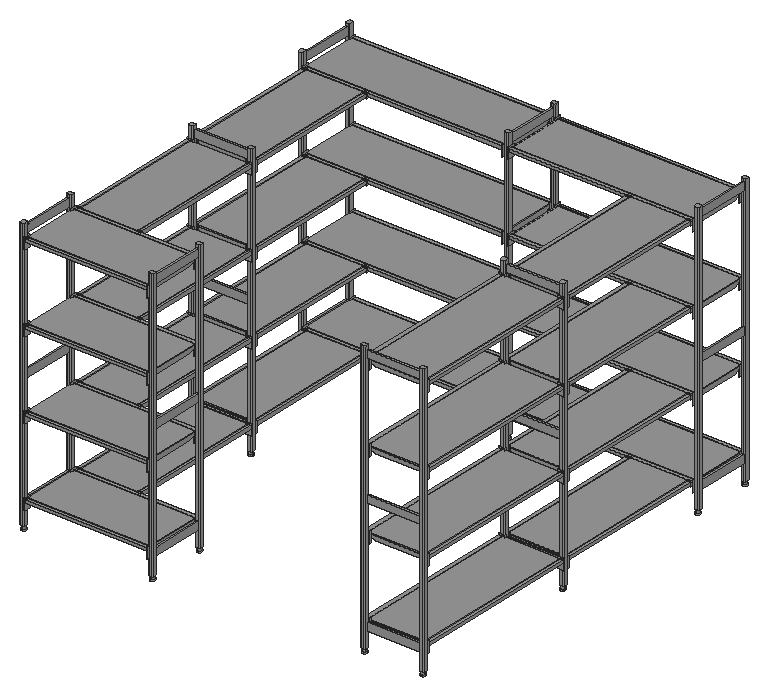
Revit family "QF_ELECTROLUXPROFESSIONAL_137103_CRS2424", category Attrezzature speciali, Revit 2020 (continued)
Definition of nested family "QF_886G"
  Definition of nested family "WT_Anta373B"
    Reference planes
      plane 6 "Center (Front/Back)": y = -163.5
      plane 7: y = -8.5
      plane 8: y = -318.5
      plane 9 "FEET": z = 25
      plane 10: z = 140
      plane 11: z = 590
      plane 12: z = 1040
      plane 13: z = 1490
      plane 14 "CXLeft": x = -403
      plane 15: y = 5.5
      plane 16 "CYBack": y = 5.5
      plane 17 "CYFront": y = -332.5
      plane 18: x = -385.031
      plane 19: x = -380.031
    Forms (mm)
      Extrusion 1, solid
        sketch origin (0, 0, 0) x (1, 0, 0) y (0, 1, 0)
          loop
            line (-417, 13.246) -> (-417, -2.246) -> (-410.746, -8.5) -> (-395.254, -8.5) -> (-389, -2.246) -> (-389, 13.246) -> (-395.254, 19.5) -> (-410.746, 19.5) -> (-417, 13.246)
        from 1590 to 25
      Extrusion 2, solid
        sketch origin (-417, 0, 0) x (0, 1, 0) y (0, 0, 1)
          loop
            line (23, 111.005) -> (23, 172.993) -> (-12.993, 172.993) -> (-12.993, 111.005) -> (23, 111.005)
          loop
            line (-350, 111.005) -> (-314.007, 111.005) -> (-314.007, 172.993) -> (-350, 172.993) -> (-350, 111.005)
          loop
            line (23, 561.005) -> (23, 622.993) -> (-12.993, 622.993) -> (-12.993, 561.005) -> (23, 561.005)
          loop
            line (-350, 561.005) -> (-314.007, 561.005) -> (-314.007, 622.993) -> (-350, 622.993) -> (-350, 561.005)
          loop
            line (23, 1011.005) -> (23, 1072.993) -> (-12.993, 1072.993) -> (-12.993, 1011.005) -> (23, 1011.005)
          loop
            line (-350, 1011.005) -> (-314.007, 1011.005) -> (-314.007, 1072.993) -> (-350, 1072.993) -> (-350, 1011.005)
          loop
            line (23, 1461.005) -> (23, 1522.993) -> (-12.993, 1522.993) -> (-12.993, 1461.005) -> (23, 1461.005)
          loop
            line (-350, 1461.005) -> (-314.007, 1461.005) -> (-314.007, 1522.993) -> (-350, 1522.993) -> (-350, 1461.005)
        from 28 to 32
      Revolve 3, solid
        sketch origin (-403, 0, 0) x (0, 1, 0) y (0, 0, 1)
          loop
            line (5.5, 25) -> (5.5, 0) -> (19, 0) -> (19, 5) -> (14, 5) -> (14, 25) -> (5.5, 25)
          axis (5.5, 25) -> (5.5, 0)
        angle from 0 to 360
      Extrusion 4, solid
        sketch origin (-403, 0, 0) x (0, 1, 0) y (0, 0, 1)
          loop
            line (-8.5, 777.382) -> (-8.5, 822.374) -> (-318.5, 822.374) -> (-318.5, 777.382) -> (-8.5, 777.382)
          loop
            line (-8.5, 1527.244) -> (-8.5, 1572.236) -> (-318.5, 1572.236) -> (-318.5, 1527.244) -> (-8.5, 1527.244)
        from -5 to 5
      Revolve 5, solid
        sketch origin (-403, -627, 0) x (0, -1, 0) y (0, 0, 1)
          loop
            line (-294.5, 25) -> (-294.5, 0) -> (-281, 0) -> (-281, 5) -> (-286, 5) -> (-286, 25) -> (-294.5, 25)
          axis (-294.5, 25) -> (-294.5, 0)
        angle from 0 to 360
      Extrusion 6, solid
        sketch origin (0, -627, 0) x (1, 0, 0) y (0, 1, 0)
          loop
            line (-417, 286.754) -> (-410.746, 280.5) -> (-395.254, 280.5) -> (-389, 286.754) -> (-389, 302.246) -> (-395.254, 308.5) -> (-410.746, 308.5) -> (-417, 302.246) -> (-417, 286.754)
        from 1590 to 25
      Extrusion 7, solid
        sketch origin (-417.031, -0.022, 0) x (0, 1, 0) y (0, 0, -1)
          loop
            line (-12, -1497.998) -> (-46, -1485.994) -> (-281, -1485.994) -> (-315, -1497.998) -> (-331, -1497.998) -> (-331, -1515.994) -> (-329, -1515.994) -> (-329, -1509.496) -> (2.007, -1509.496) -> (2.007, -1515.994) -> (4, -1515.994) -> (4, -1497.998) -> (-12, -1497.998)
          loop
            line (-12, -1047.998) -> (-46, -1035.994) -> (-281, -1035.994) -> (-315, -1047.998) -> (-331, -1047.998) -> (-331, -1065.994) -> (-329, -1065.994) -> (-329, -1059.496) -> (2.007, -1059.496) -> (2.007, -1065.994) -> (4, -1065.994) -> (4, -1047.998) -> (-12, -1047.998)
          loop
            line (-12, -597.998) -> (-46, -585.994) -> (-281, -585.994) -> (-315, -597.998) -> (-331, -597.998) -> (-331, -615.994) -> (-329, -615.994) -> (-329, -609.496) -> (2.007, -609.496) -> (2.007, -615.994) -> (4, -615.994) -> (4, -597.998) -> (-12, -597.998)
          loop
            line (-12, -147.998) -> (-46, -135.994) -> (-281, -135.994) -> (-315, -147.998) -> (-331, -147.998) -> (-331, -165.994) -> (-329, -165.994) -> (-329, -159.496) -> (2.007, -159.496) -> (2.007, -165.994) -> (4, -165.994) -> (4, -147.998) -> (-12, -147.998)
        from -32 to -37
      Extrusion 8, solid
        sketch origin (-403, 0, -659.878) x (0, 1, 0) y (0, 0, 1)
          loop
            line (-8.5, 777.382) -> (-8.5, 822.374) -> (-318.5, 822.374) -> (-318.5, 777.382) -> (-8.5, 777.382)
          loop
            line (-8.5, 1437.382) -> (-8.5, 1482.374) -> (-318.5, 1482.374) -> (-318.5, 1437.382) -> (-8.5, 1437.382)
          loop
            line (-8.5, 2187.382) -> (-8.5, 2232.374) -> (-318.5, 2232.374) -> (-318.5, 2187.382) -> (-8.5, 2187.382)
        from -5 to 5
    Lines and regions (mm)
      symbolic lines
        curve 1: line (-408, -8.5, 1590) -> (-408, -318.5, 1590)
        curve 2: line (-398, -318.5, 1590) -> (-398, -8.5, 1590)
        curve 3: line (-395.254, -8.5, 1590) -> (-410.746, -8.5, 1590)
        curve 4: line (-417, -2.246, 1590) -> (-410.746, -8.5, 1590)
        curve 5: line (-417, 13.246, 1590) -> (-417, -2.246, 1590)
        curve 6: line (-410.746, 19.5, 1590) -> (-417, 13.246, 1590)
        curve 7: line (-395.254, 19.5, 1590) -> (-410.746, 19.5, 1590)
        curve 8: line (-389, 13.246, 1590) -> (-395.254, 19.5, 1590)
        curve 9: line (-395.254, -8.5, 1590) -> (-389, -2.246, 1590)
        curve 10: line (-395.254, -318.5, 1590) -> (-410.746, -318.5, 1590)
        curve 11: line (-417, -324.754, 1590) -> (-410.746, -318.5, 1590)
        curve 12: line (-410.746, -346.5, 1590) -> (-417, -340.246, 1590)
        curve 13: line (-395.254, -346.5, 1590) -> (-410.746, -346.5, 1590)
        curve 14: line (-389, -340.246, 1590) -> (-395.254, -346.5, 1590)
        curve 15: line (-395.254, -318.5, 1590) -> (-389, -324.754, 1590)
        curve 16: line (-389, -350, 1590) -> (-389, -314.007, 1590)
        curve 17: line (-389, -314.007, 1590) -> (-385, -314.007, 1590)
        curve 18: line (-389, 23, 1590) -> (-389, -12.993, 1590)
        curve 19: line (-389, -12.993, 1590) -> (-385, -12.993, 1590)
        curve 20: line (-417, -324.754, 1590) -> (-417, -340.246, 1590)
        curve 21: line (-385, -350, 1590) -> (-385, -314.007, 1590)
        curve 22: line (-385, -350, 1590) -> (-389, -350, 1590)
        curve 23: line (-385, 23, 1590) -> (-389, 23, 1590)
        curve 24: line (-385, -12.993, 1590) -> (-385, 23, 1590)
        curve 25: line (-385.031, -13.016, 1725) -> (-385.031, -314.029, 1725)
    Dimensions and locks
      "Depth": plane 3 "BACK" to plane 4 "FRONT"
      "Dint": plane 7 to plane 8
      equal spacing: plane 7, plane 6 "Center (Front/Back)", plane 8
      equal spacing: plane 3 "BACK", plane 6 "Center (Front/Back)", plane 4 "FRONT"
      plane 9 "FEET" to level = 25 mm
      plane 10 to plane 9 "FEET" = 115 mm
      plane 11 to plane 10 = 450 mm
      plane 12 to plane 11 = 450 mm
      plane 13 to plane 12 = 450 mm
      locked: plane 2 "LEFT" to plane 14 "CXLeft" at 14
      locked: plane 3 "BACK" to plane 16 "CYBack" at 17.5
      locked: plane 17 "CYFront" to plane 4 "FRONT" at 17.5
      locked: Revolve 3 sketch curve to Revolve 3 sketch curve at 8.5
      locked: Revolve 3 sketch curve to plane 16 "CYBack" at 13.5
      locked: Revolve 5 sketch curve to Revolve 5 sketch curve at 8.5
      plane 10 to level = 140 mm
      plane 11 to level = 590 mm
      plane 12 to level = 1040 mm
      plane 13 to level = 1490 mm
      "Height": plane 5 "TOP" to level
      aligned and locked: level to plane 1
      aligned and locked: curve 20 to Extrusion 6
      aligned and locked: plane 5 "TOP" to Extrusion 1
      aligned and locked: plane 5 "TOP" to Extrusion 6
      aligned and locked: Extrusion 7 sketch curve to Extrusion 7 sketch curve  (x3)
    Automatic sketch dimensions
      curve 16 to plane 4 "FRONT" = 0 mm
      curve 11 to plane 8 = 0 mm
      curve 9 to plane 7 = 0 mm
      curve 5 to plane 2 "LEFT" = 0 mm
      curve 23 to plane 3 "BACK" = 0 mm
      plane 4 "FRONT" to curve 13 = 3.5 mm
      curve 20 to plane 17 "CYFront" = 7.746 mm
      curve 20 to plane 8 = 6.254 mm
      plane 8 to curve 16 = 4.493 mm
      curve 24 to plane 18 = 0.031 mm
      curve 24 to plane 7 = 4.493 mm
      plane 7 to curve 5 = 6.254 mm
      curve 5 to plane 15 = 7.746 mm
      curve 6 to plane 3 "BACK" = 3.5 mm
      curve 21 to plane 18 = 0.031 mm
      plane 18 to curve 23 = 3.969 mm
      plane 18 to curve 16 = 3.969 mm
      curve 18 to curve 8 = 6.254 mm
      curve 18 to curve 3 = 6.254 mm
      curve 16 to curve 13 = 6.254 mm
      curve 16 to curve 15 = 6.254 mm
      plane 2 "LEFT" to curve 10 = 6.254 mm
      plane 2 "LEFT" to curve 7 = 6.254 mm
      plane 2 "LEFT" to curve 12 = 6.254 mm
      plane 2 "LEFT" to curve 3 = 6.254 mm
      curve 14 to plane 17 "CYFront" = 7.746 mm
      curve 15 to plane 8 = 6.254 mm
      plane 7 to curve 9 = 6.254 mm
      curve 8 to plane 15 = 7.746 mm
      curve 3 to curve 2 = 2.746 mm
      curve 1 to curve 10 = 2.746 mm
      Extrusion 1 sketch curve to plane 2 "LEFT" = 0 mm
      Extrusion 1 sketch curve to plane 7 = 0 mm
      plane 2 "LEFT" to Extrusion 1 sketch curve = 6.254 mm  (x2)
      plane 14 "CXLeft" to Extrusion 1 sketch curve = 7.746 mm  (x2)
      Extrusion 1 sketch curve to plane 3 "BACK" = 3.5 mm
      plane 18 to Extrusion 1 sketch curve = 3.969 mm
      plane 7 to Extrusion 1 sketch curve = 6.254 mm  (x2)
      Extrusion 1 sketch curve to plane 15 = 7.746 mm  (x2)
      Extrusion 2 sketch curve to plane 4 "FRONT" = 0 mm  (x4)
      Extrusion 2 sketch curve to plane 3 "BACK" = 0 mm  (x4)
      plane 8 to Extrusion 2 sketch curve = 4.493 mm  (x4)
      Extrusion 2 sketch curve to plane 7 = 4.493 mm  (x4)
      Extrusion 2 sketch curve to plane 10 = 28.995 mm  (x2)
      plane 10 to Extrusion 2 sketch curve = 32.993 mm  (x2)
      Extrusion 2 sketch curve to plane 11 = 28.995 mm  (x2)
      plane 11 to Extrusion 2 sketch curve = 32.993 mm  (x2)
      Extrusion 2 sketch curve to plane 12 = 28.995 mm  (x2)
      plane 12 to Extrusion 2 sketch curve = 32.993 mm  (x2)
      Extrusion 2 sketch curve to plane 13 = 28.995 mm  (x2)
      plane 13 to Extrusion 2 sketch curve = 32.993 mm  (x2)
      Revolve 3 sketch curve to plane 9 "FEET" = 0 mm  (x2)
      Revolve 3 sketch curve to plane 15 = 0 mm  (x2)
      Revolve 3 sketch curve to level = 0 mm
      level to Revolve 3 sketch curve = 5 mm
      Revolve 3 sketch curve to Revolve 3 sketch curve = 11.655 mm
      Extrusion 4 sketch curve to plane 8 = 0 mm  (x2)
      Extrusion 4 sketch curve to plane 7 = 0 mm  (x2)
      plane 11 to Extrusion 4 sketch curve = 187.382 mm
      Extrusion 4 sketch curve to Extrusion 4 sketch curve = 44.992 mm
      plane 13 to Extrusion 4 sketch curve = 37.244 mm
      Extrusion 4 sketch curve to plane 5 "TOP" = 17.764 mm
      Revolve 5 sketch curve to plane 9 "FEET" = 0 mm  (x2)
      Revolve 5 sketch curve to plane 17 "CYFront" = 0 mm  (x2)
      Revolve 5 sketch curve to level = 0 mm
      Revolve 5 sketch curve to plane 4 "FRONT" = 4 mm
      Revolve 5 sketch curve to Revolve 5 sketch curve = 5 mm
      level to Revolve 5 sketch curve = 11.655 mm
      Extrusion 6 sketch curve to plane 2 "LEFT" = 0 mm
      Extrusion 6 sketch curve to plane 8 = 0 mm
      Extrusion 6 sketch curve to plane 2 "LEFT" = 6.254 mm  (x2)
      Extrusion 6 sketch curve to plane 14 "CXLeft" = 7.746 mm  (x2)
      Extrusion 6 sketch curve to plane 4 "FRONT" = 3.5 mm
      Extrusion 6 sketch curve to plane 18 = 3.969 mm
      plane 8 to Extrusion 6 sketch curve = 6.254 mm  (x2)
      plane 17 "CYFront" to Extrusion 6 sketch curve = 7.746 mm  (x2)
      plane 17 "CYFront" to Extrusion 7 sketch curve = 1.478 mm  (x4)
      Extrusion 7 sketch curve to Extrusion 7 sketch curve = 2 mm
      plane 8 to Extrusion 7 sketch curve = 3.478 mm  (x4)
      Extrusion 7 sketch curve to plane 10 = 4.006 mm
      Extrusion 7 sketch curve to Extrusion 7 sketch curve = 34 mm  (x4)
      Extrusion 7 sketch curve to plane 11 = 4.006 mm
      Extrusion 7 sketch curve to plane 12 = 4.006 mm
      Extrusion 7 sketch curve to plane 13 = 4.006 mm
      Extrusion 7 sketch curve to plane 7 = 37.522 mm  (x4)
      Extrusion 7 sketch curve to plane 7 = 3.522 mm  (x4)
      plane 15 to Extrusion 7 sketch curve = 3.516 mm  (x4)
      plane 15 to Extrusion 7 sketch curve = 1.522 mm  (x4)
      plane 13 to Extrusion 7 sketch curve = 7.998 mm  (x2)
      Extrusion 7 sketch curve to Extrusion 7 sketch curve = 11.498 mm
      Extrusion 7 sketch curve to Extrusion 7 sketch curve = 6.499 mm  (x5)
      plane 12 to Extrusion 7 sketch curve = 25.994 mm  (x2)
      plane 12 to Extrusion 7 sketch curve = 7.998 mm  (x2)
      plane 11 to Extrusion 7 sketch curve = 25.994 mm  (x2)
      plane 11 to Extrusion 7 sketch curve = 7.998 mm  (x2)
      plane 10 to Extrusion 7 sketch curve = 25.994 mm  (x2)
      plane 10 to Extrusion 7 sketch curve = 7.998 mm  (x2)
      curve 25 to plane 18 = 0 mm
      plane 8 to curve 25 = 4.471 mm
      curve 25 to plane 7 = 4.516 mm
      Extrusion 8 sketch curve to plane 8 = 0 mm  (x3)
      Extrusion 8 sketch curve to plane 7 = 0 mm  (x3)
      Extrusion 8 sketch curve to plane 10 = 22.496 mm
      plane 10 to Extrusion 8 sketch curve = 22.496 mm
      plane 11 to Extrusion 8 sketch curve = 187.504 mm
      Extrusion 8 sketch curve to Extrusion 8 sketch curve = 44.992 mm
      plane 13 to Extrusion 8 sketch curve = 37.504 mm
      Extrusion 8 sketch curve to plane 5 "TOP" = 17.504 mm
  Definition of nested family "WT_Aggancio373B"
    Parameters
      WidthLeft = A + 64 mm  # 772 mm
      Width = 1606 mm
      Right = WidthLeft / 2  # 386 mm
      Default Elevation = 0 mm
      Left = -WidthLeft / 2  # -386 mm
      Height = 1590 mm
      FEET = 25 mm
      E = 0 mm
      Dint = Depth - 63 mm  # 310 mm
      Dext = Depth - 8 mm  # 365 mm
      Depth = 373 mm
      DX = (WidthLeft - A) / 2  # 32 mm
      B = 798 mm
      A = 708 mm
    Reference planes
      plane 1: z = 0
      plane 2 "LEFT": x = -417
      plane 3 "BACK": y = 23
      plane 4 "FRONT": y = -350
      plane 5 "TOP": z = 1590
      plane 6 "Center (Front/Back)": y = -163.5
      plane 7: y = -8.5
      plane 8: y = -318.5
      plane 9 "FEET": z = 25
      plane 10: z = 140
      plane 11: z = 590
      plane 12: z = 1040
      plane 13: z = 1490
      plane 14: y = 5.5
      plane 15 "CYBack": y = 5.5
      plane 16 "CYFront": y = -332.5
    Forms (mm)
      Extrusion 1, solid
        sketch origin (-380, -0.022, 0) x (0, 1, 0) y (0, 0, 1)
          loop
            line (-12, 1497.998) -> (4, 1497.998) -> (4, 1515.994) -> (2.007, 1515.994) -> (2.007, 1509.496) -> (-329, 1509.496) -> (-329, 1515.994) -> (-331, 1515.994) -> (-331, 1497.998) -> (-315, 1497.998) -> (-281, 1485.994) -> (-46, 1485.994) -> (-12, 1497.998)
          loop
            line (-12, 1047.998) -> (4, 1047.998) -> (4, 1065.994) -> (2.007, 1065.994) -> (2.007, 1059.496) -> (-329, 1059.496) -> (-329, 1065.994) -> (-331, 1065.994) -> (-331, 1047.998) -> (-315, 1047.998) -> (-281, 1035.994) -> (-46, 1035.994) -> (-12, 1047.998)
          loop
            line (-12, 597.998) -> (4, 597.998) -> (4, 615.994) -> (2.007, 615.994) -> (2.007, 609.496) -> (-329, 609.496) -> (-329, 615.994) -> (-331, 615.994) -> (-331, 597.998) -> (-315, 597.998) -> (-281, 585.994) -> (-46, 585.994) -> (-12, 597.998)
          loop
            line (-12, 147.998) -> (4, 147.998) -> (4, 165.994) -> (2.007, 165.994) -> (2.007, 159.496) -> (-329, 159.496) -> (-329, 165.994) -> (-331, 165.994) -> (-331, 147.998) -> (-315, 147.998) -> (-281, 135.994) -> (-46, 135.994) -> (-12, 147.998)
        from -32 to -37
      Extrusion 2, solid
        sketch origin (-793.062, -324.754, 6.5) x (1, 0, 0) y (0, 0, 1)
          loop
            line (385.062, 1509.496) -> (385.062, 1512.496) -> (376.062, 1512.496) -> (376.062, 1485.994) -> (390.031, 1485.994) -> (390.031, 1491.496) -> (381.062, 1491.496) -> (381.062, 1509.496) -> (385.062, 1509.496)
          loop
            line (385.062, 1059.496) -> (385.062, 1062.496) -> (376.062, 1062.496) -> (376.062, 1035.994) -> (390.031, 1035.994) -> (390.031, 1041.496) -> (381.062, 1041.496) -> (381.062, 1059.496) -> (385.062, 1059.496)
          loop
            line (385.062, 609.496) -> (385.062, 612.496) -> (376.062, 612.496) -> (376.062, 585.994) -> (390.031, 585.994) -> (390.031, 591.496) -> (381.062, 591.496) -> (381.062, 609.496) -> (385.062, 609.496)
          loop
            line (385.062, 159.496) -> (385.062, 162.496) -> (376.062, 162.496) -> (376.062, 135.994) -> (390.031, 135.994) -> (390.031, 141.496) -> (381.062, 141.496) -> (381.062, 159.496) -> (385.062, 159.496)
        from 6.268 to 25.246
      Extrusion 3, solid
        sketch origin (-793.062, 32.754, 6.5) x (1, 0, 0) y (0, 0, 1)
          loop
            line (385.062, 1509.496) -> (385.062, 1512.496) -> (376.062, 1512.496) -> (376.062, 1485.994) -> (390.031, 1485.994) -> (390.031, 1491.496) -> (381.062, 1491.496) -> (381.062, 1509.496) -> (385.062, 1509.496)
          loop
            line (385.062, 1059.496) -> (385.062, 1062.496) -> (376.062, 1062.496) -> (376.062, 1035.994) -> (390.031, 1035.994) -> (390.031, 1041.496) -> (381.062, 1041.496) -> (381.062, 1059.496) -> (385.062, 1059.496)
          loop
            line (385.062, 609.496) -> (385.062, 612.496) -> (376.062, 612.496) -> (376.062, 585.994) -> (390.031, 585.994) -> (390.031, 591.496) -> (381.062, 591.496) -> (381.062, 609.496) -> (385.062, 609.496)
          loop
            line (385.062, 159.496) -> (385.062, 162.496) -> (376.062, 162.496) -> (376.062, 135.994) -> (390.031, 135.994) -> (390.031, 141.496) -> (381.062, 141.496) -> (381.062, 159.496) -> (385.062, 159.496)
        from 9.754 to 28.776
    Lines and regions (mm)
      symbolic lines
        curve 1: line (-412, -350, 0) -> (-408, -350, 0)
        curve 2: line (-412, -331.022, 0) -> (-412, -350, 0)
        curve 3: line (-408, -331.022, 0) -> (-412, -331.022, 0)
        curve 4: line (-408, -350, 0) -> (-408, -331.022, 0)
        curve 5: line (-412, 3.978, 0) -> (-408, 3.978, 0)
        curve 6: line (-412, 23, 0) -> (-412, 3.978, 0)
        curve 7: line (-408, 23, 0) -> (-412, 23, 0)
        curve 8: line (-408, 3.978, 0) -> (-408, 23, 0)
    Dimensions and locks
      "Height": plane 5 "TOP" to level
      "Depth": plane 3 "BACK" to plane 4 "FRONT"
      "Dint": plane 7 to plane 8
      equal spacing: plane 7, plane 6 "Center (Front/Back)", plane 8
      equal spacing: plane 3 "BACK", plane 6 "Center (Front/Back)", plane 4 "FRONT"
      plane 9 "FEET" to level = 25 mm
      plane 10 to plane 9 "FEET" = 115 mm
      locked: plane 11 to plane 10 at 450
      locked: plane 12 to plane 11 at 450
      locked: plane 13 to plane 12 at 450
      locked: plane 3 "BACK" to plane 15 "CYBack" at 17.5
      locked: plane 16 "CYFront" to plane 4 "FRONT" at 17.5
      aligned and locked: level to plane 1
      aligned and locked: Extrusion 1 sketch curve to Extrusion 1 sketch curve  (x3)
    Automatic sketch dimensions
      plane 16 "CYFront" to Extrusion 1 sketch curve = 1.478 mm  (x4)
      Extrusion 1 sketch curve to Extrusion 1 sketch curve = 2 mm
      plane 8 to Extrusion 1 sketch curve = 3.478 mm  (x4)
      Extrusion 1 sketch curve to plane 10 = 4.006 mm
      Extrusion 1 sketch curve to Extrusion 1 sketch curve = 34 mm  (x4)
      Extrusion 1 sketch curve to plane 11 = 4.006 mm
      Extrusion 1 sketch curve to plane 12 = 4.006 mm
      Extrusion 1 sketch curve to plane 13 = 4.006 mm
      Extrusion 1 sketch curve to plane 7 = 37.522 mm  (x4)
      Extrusion 1 sketch curve to plane 7 = 3.522 mm  (x4)
      plane 14 to Extrusion 1 sketch curve = 3.516 mm  (x4)
      plane 14 to Extrusion 1 sketch curve = 1.522 mm  (x4)
      plane 10 to Extrusion 1 sketch curve = 7.998 mm  (x2)
      Extrusion 1 sketch curve to Extrusion 1 sketch curve = 11.498 mm  (x4)
      Extrusion 1 sketch curve to Extrusion 1 sketch curve = 6.499 mm  (x8)
      plane 11 to Extrusion 1 sketch curve = 7.998 mm  (x2)
      plane 12 to Extrusion 1 sketch curve = 7.998 mm  (x2)
      plane 13 to Extrusion 1 sketch curve = 7.998 mm  (x2)
      plane 2 "LEFT" to Extrusion 2 sketch curve = 0 mm  (x4)
      plane 13 to Extrusion 2 sketch curve = 7.996 mm
      plane 11 to Extrusion 2 sketch curve = 7.996 mm
      Extrusion 2 sketch curve to Extrusion 2 sketch curve = 5 mm  (x4)
      plane 11 to Extrusion 2 sketch curve = 2.494 mm
      plane 10 to Extrusion 2 sketch curve = 28.996 mm
      Extrusion 2 sketch curve to Extrusion 2 sketch curve = 3 mm  (x4)
      plane 10 to Extrusion 2 sketch curve = 7.996 mm
      plane 10 to Extrusion 2 sketch curve = 2.494 mm
      Extrusion 2 sketch curve to Extrusion 2 sketch curve = 18 mm  (x3)
      plane 12 to Extrusion 2 sketch curve = 2.494 mm
      plane 12 to Extrusion 2 sketch curve = 7.996 mm
      plane 13 to Extrusion 2 sketch curve = 2.494 mm
      plane 2 "LEFT" to Extrusion 3 sketch curve = 0 mm  (x4)
      plane 13 to Extrusion 3 sketch curve = 7.996 mm
      plane 11 to Extrusion 3 sketch curve = 7.996 mm
      Extrusion 3 sketch curve to Extrusion 3 sketch curve = 5 mm  (x4)
      plane 11 to Extrusion 3 sketch curve = 2.494 mm
      plane 10 to Extrusion 3 sketch curve = 28.996 mm
      Extrusion 3 sketch curve to Extrusion 3 sketch curve = 3 mm  (x4)
      plane 10 to Extrusion 3 sketch curve = 7.996 mm
      plane 10 to Extrusion 3 sketch curve = 2.494 mm
      Extrusion 3 sketch curve to Extrusion 3 sketch curve = 18 mm  (x3)
      plane 12 to Extrusion 3 sketch curve = 2.494 mm
      plane 12 to Extrusion 3 sketch curve = 7.996 mm
      plane 13 to Extrusion 3 sketch curve = 2.494 mm
      plane 2 "LEFT" to curve 1 = 5 mm
      plane 2 "LEFT" to curve 7 = 5 mm
      curve 1 to plane 16 "CYFront" = 17.5 mm
      curve 3 to plane 8 = 12.522 mm
      plane 7 to curve 5 = 12.478 mm
      curve 7 to plane 14 = 17.5 mm
      curve 5 to curve 5 = 4 mm
      curve 1 to curve 4 = 4 mm
      Extrusion 2 sketch curve to Extrusion 2 sketch curve = 4 mm  (x4)
      Extrusion 2 sketch curve to Extrusion 2 sketch curve = 8.969 mm  (x4)
      Extrusion 3 sketch curve to Extrusion 3 sketch curve = 4 mm  (x4)
      Extrusion 3 sketch curve to Extrusion 3 sketch curve = 8.969 mm  (x4)
Definition of nested family "QF_974"
  Parameters
    Default Elevation = 0 mm
    Model = "137013"
    Manufacturer = "Electrolux Professional"
    Description = ""
  Reference planes
    plane 1: z = 0
    plane 2 "Center (Left/Right)": x = -31
    plane 3 "LEFT": x = -550
    plane 4 "RIGHT": x = 488
    plane 5 "BACK": y = 23
    plane 6 "FRONT": y = -350
    plane 7 "TOP": z = 1700
    plane 8: x = 483
    plane 9: x = -518
    plane 10: x = 456
    plane 11 "Center (Front/Back)": y = -163.5
    plane 12: x = 451
    plane 13: y = -8.5
    plane 14: y = -318.5
    plane 15 "FEET": z = 25
    plane 16: z = 140
    plane 17: z = 590
    plane 18: z = 1040
    plane 19: z = 1490
    plane 20 "CXLeft": x = -536
    plane 21 "CXRight": x = 474
    plane 22: y = 5.5
    plane 23 "CYBack": y = 5.5
    plane 24 "CYFront": y = -332.5
  Forms (mm)
    Extrusion 1, solid
      sketch origin (-550, 0, 0) x (0, 1, 0) y (0, 0, 1)
        loop
          line (4, 1515.994) -> (4, 1497.998) -> (23, 1497.998) -> (23, 1515.994) -> (4, 1515.994)
        loop
          line (-331, 1515.994) -> (-350, 1515.994) -> (-350, 1497.998) -> (-331, 1497.998) -> (-331, 1515.994)
        loop
          line (4, 1065.994) -> (4, 1047.998) -> (23, 1047.998) -> (23, 1065.994) -> (4, 1065.994)
        loop
          line (-331, 1065.994) -> (-350, 1065.994) -> (-350, 1047.998) -> (-331, 1047.998) -> (-331, 1065.994)
        loop
          line (4, 615.994) -> (4, 597.998) -> (23, 597.998) -> (23, 615.994) -> (4, 615.994)
        loop
          line (-331, 615.994) -> (-350, 615.994) -> (-350, 597.998) -> (-331, 597.998) -> (-331, 615.994)
        loop
          line (4, 165.994) -> (4, 147.998) -> (23, 147.998) -> (23, 165.994) -> (4, 165.994)
        loop
          line (-331, 165.994) -> (-350, 165.994) -> (-350, 147.998) -> (-331, 147.998) -> (-331, 165.994)
      from 32 to 1006
    Extrusion 2, solid
      sketch origin (-550, 0, 135) x (0, 1, 0) y (0, 0, 1)
        loop
          line (2.007, 1380.994) -> (-329, 1380.994) -> (-329, 1374.496) -> (2.007, 1374.496) -> (2.007, 1380.994)
        loop
          line (2.007, 930.994) -> (-329, 930.994) -> (-329, 924.496) -> (2.007, 924.496) -> (2.007, 930.994)
        loop
          line (2.007, 480.994) -> (-329, 480.994) -> (-329, 474.496) -> (2.007, 474.496) -> (2.007, 480.994)
        loop
          line (2.007, 30.994) -> (-329, 30.994) -> (-329, 24.496) -> (2.007, 24.496) -> (2.007, 30.994)
      from 32 to 1006
    Extrusion 3, solid
      sketch origin (488, 0, 135) x (0, 1, 0) y (0, 0, 1)
        loop
          line (-12, 1362.998) -> (4, 1362.998) -> (4, 1380.994) -> (2.007, 1380.994) -> (2.007, 1374.496) -> (-329, 1374.496) -> (-329, 1380.994) -> (-331, 1380.994) -> (-331, 1362.998) -> (-315, 1362.998) -> (-281, 1350.994) -> (-46, 1350.994) -> (-12, 1362.998)
        loop
          line (-12, 912.998) -> (4, 912.998) -> (4, 930.994) -> (2.007, 930.994) -> (2.007, 924.496) -> (-329, 924.496) -> (-329, 930.994) -> (-331, 930.994) -> (-331, 912.998) -> (-315, 912.998) -> (-281, 900.994) -> (-46, 900.994) -> (-12, 912.998)
        loop
          line (-12, 462.998) -> (4, 462.998) -> (4, 480.994) -> (2.007, 480.994) -> (2.007, 474.496) -> (-329, 474.496) -> (-329, 480.994) -> (-331, 480.994) -> (-331, 462.998) -> (-315, 462.998) -> (-281, 450.994) -> (-46, 450.994) -> (-12, 462.998)
        loop
          line (-12, 12.998) -> (4, 12.998) -> (4, 30.994) -> (2.007, 30.994) -> (2.007, 24.496) -> (-329, 24.496) -> (-329, 30.994) -> (-331, 30.994) -> (-331, 12.998) -> (-315, 12.998) -> (-281, 0.994) -> (-46, 0.994) -> (-12, 12.998)
      from -32 to -37
  Lines and regions (mm)
    symbolic lines
      curve 1: line (456, 4, 1700) -> (-518, 4, 1700)
      curve 2: line (-522, 23, 1700) -> (460, 23, 1700)
      curve 3: line (460, 13.246, 1700) -> (466.254, 19.5, 1700)
      curve 4: line (466.254, -8.5, 1700) -> (460, -2.246, 1700)
      curve 5: line (466.254, -318.5, 1700) -> (460, -324.754, 1700)
      curve 6: line (-522, -350, 1700) -> (460, -350, 1700)
      curve 7: line (460, 23, 1700) -> (460, -12.993, 1700)
      curve 8: line (460, -12.993, 1700) -> (456, -12.993, 1700)
      curve 9: line (460, -350, 1700) -> (460, -314.007, 1700)
      curve 10: line (460, -314.007, 1700) -> (456, -314.007, 1700)
      curve 11: line (-518, -12.993, 1700) -> (-518, -314.007, 1700)
      curve 12: line (-518, -331, 1700) -> (456, -331, 1700)
      curve 13: line (456, -12.993, 1700) -> (456, -314.007, 1700)
  Dimensions and locks
    locked: plane 3 "LEFT" to plane 4 "RIGHT" at 1038
    equal spacing: plane 3 "LEFT", plane 2 "Center (Left/Right)", plane 4 "RIGHT"
    locked: plane 7 "TOP" to level at 1700
    locked: plane 5 "BACK" to plane 6 "FRONT" at 373
    locked: plane 4 "RIGHT" to plane 8 at 5
    locked: plane 9 to plane 10 at 974
    locked: plane 3 "LEFT" to plane 9 at 32
    plane 12 to plane 10 = 5 mm
    locked: plane 13 to plane 14 at 310
    equal spacing: plane 13, plane 11 "Center (Front/Back)", plane 14
    equal spacing: plane 5 "BACK", plane 11 "Center (Front/Back)", plane 6 "FRONT"
    plane 15 "FEET" to level = 25 mm
    plane 7 "TOP" to plane 15 "FEET" = 1675 mm
    plane 17 to plane 16 = 450 mm
    plane 18 to plane 17 = 450 mm
    plane 19 to plane 18 = 450 mm
    locked: plane 3 "LEFT" to plane 20 "CXLeft" at 14
    locked: plane 21 "CXRight" to plane 4 "RIGHT" at 14
    locked: plane 5 "BACK" to plane 23 "CYBack" at 17.5
    locked: plane 24 "CYFront" to plane 6 "FRONT" at 17.5
    plane 16 to level = 140 mm
    plane 17 to level = 590 mm
    plane 18 to level = 1040 mm
    plane 19 to level = 1490 mm
    aligned and locked: level to plane 1
    aligned and locked: plane 9 to Extrusion 2
    aligned and locked: Extrusion 2 to plane 10
    aligned and locked: plane 9 to Extrusion 1
    aligned and locked: Extrusion 1 to plane 10
    aligned and locked: Extrusion 1 sketch curve to Extrusion 1 sketch curve  (x2)
    aligned and locked: Extrusion 3 sketch curve to Extrusion 3 sketch curve  (x3)
    aligned and locked: Extrusion 3 to plane 12
    aligned and locked: Extrusion 3 to plane 10
    aligned and locked: plane 20 "CXLeft" to nested 1
    aligned and locked: plane 21 "CXRight" to nested 2
  Automatic sketch dimensions
    Extrusion 1 sketch curve to plane 6 "FRONT" = 0 mm  (x4)
    Extrusion 1 sketch curve to plane 5 "BACK" = 0 mm  (x4)
    plane 24 "CYFront" to Extrusion 1 sketch curve = 1.5 mm  (x2)
    plane 22 to Extrusion 1 sketch curve = 1.5 mm  (x4)
    plane 16 to Extrusion 1 sketch curve = 7.998 mm  (x2)
    Extrusion 1 sketch curve to Extrusion 1 sketch curve = 17.997 mm  (x8)
    plane 17 to Extrusion 1 sketch curve = 7.998 mm  (x2)
    plane 18 to Extrusion 1 sketch curve = 7.998 mm  (x2)
    plane 19 to Extrusion 1 sketch curve = 7.998 mm  (x2)
    plane 24 "CYFront" to Extrusion 2 sketch curve = 3.5 mm  (x4)
    plane 22 to Extrusion 2 sketch curve = 3.493 mm  (x4)
    plane 16 to Extrusion 2 sketch curve = 19.496 mm
    Extrusion 2 sketch curve to Extrusion 2 sketch curve = 6.499 mm  (x4)
    plane 17 to Extrusion 2 sketch curve = 19.496 mm
    plane 18 to Extrusion 2 sketch curve = 19.496 mm
    plane 19 to Extrusion 2 sketch curve = 19.496 mm
    plane 24 "CYFront" to Extrusion 3 sketch curve = 1.5 mm  (x4)
    Extrusion 3 sketch curve to Extrusion 3 sketch curve = 2 mm
    plane 14 to Extrusion 3 sketch curve = 3.5 mm  (x4)
    Extrusion 3 sketch curve to plane 16 = 4.006 mm
    Extrusion 3 sketch curve to Extrusion 3 sketch curve = 34 mm  (x4)
    Extrusion 3 sketch curve to plane 17 = 4.006 mm
    Extrusion 3 sketch curve to plane 18 = 4.006 mm
    Extrusion 3 sketch curve to plane 19 = 4.006 mm
    Extrusion 3 sketch curve to plane 13 = 37.5 mm  (x4)
    Extrusion 3 sketch curve to plane 13 = 3.5 mm  (x4)
    plane 22 to Extrusion 3 sketch curve = 3.493 mm  (x4)
    plane 22 to Extrusion 3 sketch curve = 1.5 mm  (x4)
    plane 16 to Extrusion 3 sketch curve = 7.998 mm  (x2)
    Extrusion 3 sketch curve to Extrusion 3 sketch curve = 11.498 mm  (x4)
    Extrusion 3 sketch curve to Extrusion 3 sketch curve = 6.499 mm  (x8)
    plane 17 to Extrusion 3 sketch curve = 7.998 mm  (x2)
    plane 18 to Extrusion 3 sketch curve = 7.998 mm  (x2)
    plane 19 to Extrusion 3 sketch curve = 7.998 mm  (x2)
    curve 6 to plane 6 "FRONT" = 0 mm
    curve 12 to plane 9 = 0 mm
    curve 12 to plane 10 = 0 mm
    curve 5 to plane 14 = 0 mm
    curve 11 to plane 9 = 0 mm
    curve 8 to plane 10 = 0 mm
    curve 4 to plane 13 = 0 mm
    curve 1 to plane 9 = 0 mm
    curve 1 to plane 10 = 0 mm
    curve 2 to plane 5 "BACK" = 0 mm
    plane 14 to curve 10 = 4.493 mm
    curve 7 to plane 13 = 4.493 mm
    curve 10 to plane 10 = 4 mm
    curve 7 to plane 10 = 4 mm
    plane 24 "CYFront" to curve 12 = 1.5 mm
    curve 5 to plane 14 = 6.254 mm
    plane 14 to curve 11 = 4.493 mm
    curve 11 to plane 13 = 4.493 mm
    plane 13 to curve 4 = 6.254 mm
    plane 22 to curve 1 = 1.5 mm
    curve 3 to plane 22 = 7.746 mm
    curve 3 to plane 5 "BACK" = 3.5 mm
    curve 5 to curve 9 = 6.254 mm
    curve 3 to curve 2 = 6.254 mm
    curve 4 to curve 7 = 6.254 mm
    plane 9 to curve 2 = 4 mm
    plane 9 to curve 6 = 4 mm
  Nested families
    nested 1: "WT_Anta373B" at (-133, 0, 0), type "WT_Anta373B"
    nested 2: "WT_Anta373B" at (71, 0, 0) x (-1, 0, 0) z (0, 0, 1), type "WT_Anta373B"
  Definition of nested family "WT_Anta373B"
    Parameters
      WidthLeft = A + 64 mm  # 772 mm
      Width = 1606 mm
      Right = WidthLeft / 2  # 386 mm
      Default Elevation = 0 mm
      Left = -WidthLeft / 2  # -386 mm
      Height = 1590 mm
      FEET = 25 mm
      E = 0 mm
      Dint = Depth - 63 mm  # 310 mm
      Dext = Depth - 8 mm  # 365 mm
      Depth = 373 mm
      DX = (WidthLeft - A) / 2  # 32 mm
      B = 798 mm
      A = 708 mm
    Reference planes
      plane 1: z = 0
      plane 2 "LEFT": x = -417
      plane 3 "BACK": y = 23
      plane 4 "FRONT": y = -350
      plane 5 "TOP": z = 1590
      plane 6 "Center (Front/Back)": y = -163.5
      plane 7: y = -8.5
      plane 8: y = -318.5
      plane 9 "FEET": z = 25
      plane 10: z = 140
      plane 11: z = 590
      plane 12: z = 1040
      plane 13: z = 1490
      plane 14 "CXLeft": x = -403
      plane 15: y = 5.5
      plane 16 "CYBack": y = 5.5
      plane 17 "CYFront": y = -332.5
      plane 18: x = -385.031
      plane 19: x = -380.031
    Forms (mm)
      Extrusion 1, solid
        sketch origin (0, 0, 0) x (1, 0, 0) y (0, 1, 0)
          loop
            line (-417, 13.246) -> (-417, -2.246) -> (-410.746, -8.5) -> (-395.254, -8.5) -> (-389, -2.246) -> (-389, 13.246) -> (-395.254, 19.5) -> (-410.746, 19.5) -> (-417, 13.246)
        from 1590 to 25
      Extrusion 2, solid
        sketch origin (-417, 0, 0) x (0, 1, 0) y (0, 0, 1)
          loop
            line (23, 111.005) -> (23, 172.993) -> (-12.993, 172.993) -> (-12.993, 111.005) -> (23, 111.005)
          loop
            line (-350, 111.005) -> (-314.007, 111.005) -> (-314.007, 172.993) -> (-350, 172.993) -> (-350, 111.005)
          loop
            line (23, 561.005) -> (23, 622.993) -> (-12.993, 622.993) -> (-12.993, 561.005) -> (23, 561.005)
          loop
            line (-350, 561.005) -> (-314.007, 561.005) -> (-314.007, 622.993) -> (-350, 622.993) -> (-350, 561.005)
          loop
            line (23, 1011.005) -> (23, 1072.993) -> (-12.993, 1072.993) -> (-12.993, 1011.005) -> (23, 1011.005)
          loop
            line (-350, 1011.005) -> (-314.007, 1011.005) -> (-314.007, 1072.993) -> (-350, 1072.993) -> (-350, 1011.005)
          loop
            line (23, 1461.005) -> (23, 1522.993) -> (-12.993, 1522.993) -> (-12.993, 1461.005) -> (23, 1461.005)
          loop
            line (-350, 1461.005) -> (-314.007, 1461.005) -> (-314.007, 1522.993) -> (-350, 1522.993) -> (-350, 1461.005)
        from 28 to 32
      Revolve 3, solid
        sketch origin (-403, 0, 0) x (0, 1, 0) y (0, 0, 1)
          loop
            line (5.5, 25) -> (5.5, 0) -> (19, 0) -> (19, 5) -> (14, 5) -> (14, 25) -> (5.5, 25)
          axis (5.5, 25) -> (5.5, 0)
        angle from 0 to 360
      Extrusion 4, solid
        sketch origin (-403, 0, 0) x (0, 1, 0) y (0, 0, 1)
          loop
            line (-8.5, 777.382) -> (-8.5, 822.374) -> (-318.5, 822.374) -> (-318.5, 777.382) -> (-8.5, 777.382)
          loop
            line (-8.5, 1527.244) -> (-8.5, 1572.236) -> (-318.5, 1572.236) -> (-318.5, 1527.244) -> (-8.5, 1527.244)
        from -5 to 5
      Revolve 5, solid
        sketch origin (-403, -627, 0) x (0, -1, 0) y (0, 0, 1)
          loop
            line (-294.5, 25) -> (-294.5, 0) -> (-281, 0) -> (-281, 5) -> (-286, 5) -> (-286, 25) -> (-294.5, 25)
          axis (-294.5, 25) -> (-294.5, 0)
        angle from 0 to 360
      Extrusion 6, solid
        sketch origin (0, -627, 0) x (1, 0, 0) y (0, 1, 0)
          loop
            line (-417, 286.754) -> (-410.746, 280.5) -> (-395.254, 280.5) -> (-389, 286.754) -> (-389, 302.246) -> (-395.254, 308.5) -> (-410.746, 308.5) -> (-417, 302.246) -> (-417, 286.754)
        from 1590 to 25
      Extrusion 7, solid
        sketch origin (-417.031, -0.022, 0) x (0, 1, 0) y (0, 0, -1)
          loop
            line (-12, -1497.998) -> (-46, -1485.994) -> (-281, -1485.994) -> (-315, -1497.998) -> (-331, -1497.998) -> (-331, -1515.994) -> (-329, -1515.994) -> (-329, -1509.496) -> (2.007, -1509.496) -> (2.007, -1515.994) -> (4, -1515.994) -> (4, -1497.998) -> (-12, -1497.998)
          loop
            line (-12, -1047.998) -> (-46, -1035.994) -> (-281, -1035.994) -> (-315, -1047.998) -> (-331, -1047.998) -> (-331, -1065.994) -> (-329, -1065.994) -> (-329, -1059.496) -> (2.007, -1059.496) -> (2.007, -1065.994) -> (4, -1065.994) -> (4, -1047.998) -> (-12, -1047.998)
          loop
            line (-12, -597.998) -> (-46, -585.994) -> (-281, -585.994) -> (-315, -597.998) -> (-331, -597.998) -> (-331, -615.994) -> (-329, -615.994) -> (-329, -609.496) -> (2.007, -609.496) -> (2.007, -615.994) -> (4, -615.994) -> (4, -597.998) -> (-12, -597.998)
          loop
            line (-12, -147.998) -> (-46, -135.994) -> (-281, -135.994) -> (-315, -147.998) -> (-331, -147.998) -> (-331, -165.994) -> (-329, -165.994) -> (-329, -159.496) -> (2.007, -159.496) -> (2.007, -165.994) -> (4, -165.994) -> (4, -147.998) -> (-12, -147.998)
        from -32 to -37
      Extrusion 8, solid
        sketch origin (-403, 0, -659.878) x (0, 1, 0) y (0, 0, 1)
          loop
            line (-8.5, 777.382) -> (-8.5, 822.374) -> (-318.5, 822.374) -> (-318.5, 777.382) -> (-8.5, 777.382)
          loop
            line (-8.5, 1437.382) -> (-8.5, 1482.374) -> (-318.5, 1482.374) -> (-318.5, 1437.382) -> (-8.5, 1437.382)
          loop
            line (-8.5, 2187.382) -> (-8.5, 2232.374) -> (-318.5, 2232.374) -> (-318.5, 2187.382) -> (-8.5, 2187.382)
        from -5 to 5
    Lines and regions (mm)
      symbolic lines
        curve 1: line (-408, -8.5, 1590) -> (-408, -318.5, 1590)
        curve 2: line (-398, -318.5, 1590) -> (-398, -8.5, 1590)
        curve 3: line (-395.254, -8.5, 1590) -> (-410.746, -8.5, 1590)
        curve 4: line (-417, -2.246, 1590) -> (-410.746, -8.5, 1590)
        curve 5: line (-417, 13.246, 1590) -> (-417, -2.246, 1590)
        curve 6: line (-410.746, 19.5, 1590) -> (-417, 13.246, 1590)
        curve 7: line (-395.254, 19.5, 1590) -> (-410.746, 19.5, 1590)
        curve 8: line (-389, 13.246, 1590) -> (-395.254, 19.5, 1590)
        curve 9: line (-395.254, -8.5, 1590) -> (-389, -2.246, 1590)
        curve 10: line (-395.254, -318.5, 1590) -> (-410.746, -318.5, 1590)
        curve 11: line (-417, -324.754, 1590) -> (-410.746, -318.5, 1590)
        curve 12: line (-410.746, -346.5, 1590) -> (-417, -340.246, 1590)
        curve 13: line (-395.254, -346.5, 1590) -> (-410.746, -346.5, 1590)
        curve 14: line (-389, -340.246, 1590) -> (-395.254, -346.5, 1590)
        curve 15: line (-395.254, -318.5, 1590) -> (-389, -324.754, 1590)
        curve 16: line (-389, -350, 1590) -> (-389, -314.007, 1590)
        curve 17: line (-389, -314.007, 1590) -> (-385, -314.007, 1590)
        curve 18: line (-389, 23, 1590) -> (-389, -12.993, 1590)
        curve 19: line (-389, -12.993, 1590) -> (-385, -12.993, 1590)
        curve 20: line (-417, -324.754, 1590) -> (-417, -340.246, 1590)
        curve 21: line (-385, -350, 1590) -> (-385, -314.007, 1590)
        curve 22: line (-385, -350, 1590) -> (-389, -350, 1590)
        curve 23: line (-385, 23, 1590) -> (-389, 23, 1590)
        curve 24: line (-385, -12.993, 1590) -> (-385, 23, 1590)
        curve 25: line (-385.031, -13.016, 1725) -> (-385.031, -314.029, 1725)
    Dimensions and locks
      "Depth": plane 3 "BACK" to plane 4 "FRONT"
      "Dint": plane 7 to plane 8
      equal spacing: plane 7, plane 6 "Center (Front/Back)", plane 8
      equal spacing: plane 3 "BACK", plane 6 "Center (Front/Back)", plane 4 "FRONT"
      plane 9 "FEET" to level = 25 mm
      plane 10 to plane 9 "FEET" = 115 mm
      plane 11 to plane 10 = 450 mm
      plane 12 to plane 11 = 450 mm
      plane 13 to plane 12 = 450 mm
      locked: plane 2 "LEFT" to plane 14 "CXLeft" at 14
      locked: plane 3 "BACK" to plane 16 "CYBack" at 17.5
      locked: plane 17 "CYFront" to plane 4 "FRONT" at 17.5
      locked: Revolve 3 sketch curve to Revolve 3 sketch curve at 8.5
      locked: Revolve 3 sketch curve to plane 16 "CYBack" at 13.5
      locked: Revolve 5 sketch curve to Revolve 5 sketch curve at 8.5
      plane 10 to level = 140 mm
      plane 11 to level = 590 mm
      plane 12 to level = 1040 mm
      plane 13 to level = 1490 mm
      "Height": plane 5 "TOP" to level
      aligned and locked: level to plane 1
      aligned and locked: curve 20 to Extrusion 6
      aligned and locked: plane 5 "TOP" to Extrusion 1
      aligned and locked: plane 5 "TOP" to Extrusion 6
      aligned and locked: Extrusion 7 sketch curve to Extrusion 7 sketch curve  (x3)
    Automatic sketch dimensions
      curve 16 to plane 4 "FRONT" = 0 mm
      curve 11 to plane 8 = 0 mm
      curve 9 to plane 7 = 0 mm
      curve 5 to plane 2 "LEFT" = 0 mm
      curve 23 to plane 3 "BACK" = 0 mm
      plane 4 "FRONT" to curve 13 = 3.5 mm
      curve 20 to plane 17 "CYFront" = 7.746 mm
      curve 20 to plane 8 = 6.254 mm
      plane 8 to curve 16 = 4.493 mm
      curve 24 to plane 18 = 0.031 mm
      curve 24 to plane 7 = 4.493 mm
      plane 7 to curve 5 = 6.254 mm
      curve 5 to plane 15 = 7.746 mm
      curve 6 to plane 3 "BACK" = 3.5 mm
      curve 21 to plane 18 = 0.031 mm
      plane 18 to curve 23 = 3.969 mm
      plane 18 to curve 16 = 3.969 mm
      curve 18 to curve 8 = 6.254 mm
      curve 18 to curve 3 = 6.254 mm
      curve 16 to curve 13 = 6.254 mm
      curve 16 to curve 15 = 6.254 mm
      plane 2 "LEFT" to curve 10 = 6.254 mm
      plane 2 "LEFT" to curve 7 = 6.254 mm
      plane 2 "LEFT" to curve 12 = 6.254 mm
      plane 2 "LEFT" to curve 3 = 6.254 mm
      curve 14 to plane 17 "CYFront" = 7.746 mm
      curve 15 to plane 8 = 6.254 mm
      plane 7 to curve 9 = 6.254 mm
      curve 8 to plane 15 = 7.746 mm
      curve 3 to curve 2 = 2.746 mm
      curve 1 to curve 10 = 2.746 mm
      Extrusion 1 sketch curve to plane 2 "LEFT" = 0 mm
      Extrusion 1 sketch curve to plane 7 = 0 mm
      plane 2 "LEFT" to Extrusion 1 sketch curve = 6.254 mm  (x2)
      plane 14 "CXLeft" to Extrusion 1 sketch curve = 7.746 mm  (x2)
      Extrusion 1 sketch curve to plane 3 "BACK" = 3.5 mm
      plane 18 to Extrusion 1 sketch curve = 3.969 mm
      plane 7 to Extrusion 1 sketch curve = 6.254 mm  (x2)
      Extrusion 1 sketch curve to plane 15 = 7.746 mm  (x2)
      Extrusion 2 sketch curve to plane 4 "FRONT" = 0 mm  (x4)
      Extrusion 2 sketch curve to plane 3 "BACK" = 0 mm  (x4)
      plane 8 to Extrusion 2 sketch curve = 4.493 mm  (x4)
      Extrusion 2 sketch curve to plane 7 = 4.493 mm  (x4)
      Extrusion 2 sketch curve to plane 10 = 28.995 mm  (x2)
      plane 10 to Extrusion 2 sketch curve = 32.993 mm  (x2)
      Extrusion 2 sketch curve to plane 11 = 28.995 mm  (x2)
      plane 11 to Extrusion 2 sketch curve = 32.993 mm  (x2)
      Extrusion 2 sketch curve to plane 12 = 28.995 mm  (x2)
      plane 12 to Extrusion 2 sketch curve = 32.993 mm  (x2)
      Extrusion 2 sketch curve to plane 13 = 28.995 mm  (x2)
      plane 13 to Extrusion 2 sketch curve = 32.993 mm  (x2)
      Revolve 3 sketch curve to plane 9 "FEET" = 0 mm  (x2)
      Revolve 3 sketch curve to plane 15 = 0 mm  (x2)
      Revolve 3 sketch curve to level = 0 mm
      level to Revolve 3 sketch curve = 5 mm
      Revolve 3 sketch curve to Revolve 3 sketch curve = 11.655 mm
      Extrusion 4 sketch curve to plane 8 = 0 mm  (x2)
      Extrusion 4 sketch curve to plane 7 = 0 mm  (x2)
      plane 11 to Extrusion 4 sketch curve = 187.382 mm
      Extrusion 4 sketch curve to Extrusion 4 sketch curve = 44.992 mm
      plane 13 to Extrusion 4 sketch curve = 37.244 mm
      Extrusion 4 sketch curve to plane 5 "TOP" = 17.764 mm
      Revolve 5 sketch curve to plane 9 "FEET" = 0 mm  (x2)
      Revolve 5 sketch curve to plane 17 "CYFront" = 0 mm  (x2)
      Revolve 5 sketch curve to level = 0 mm
      Revolve 5 sketch curve to plane 4 "FRONT" = 4 mm
      Revolve 5 sketch curve to Revolve 5 sketch curve = 5 mm
      level to Revolve 5 sketch curve = 11.655 mm
      Extrusion 6 sketch curve to plane 2 "LEFT" = 0 mm
      Extrusion 6 sketch curve to plane 8 = 0 mm
      Extrusion 6 sketch curve to plane 2 "LEFT" = 6.254 mm  (x2)
      Extrusion 6 sketch curve to plane 14 "CXLeft" = 7.746 mm  (x2)
      Extrusion 6 sketch curve to plane 4 "FRONT" = 3.5 mm
      Extrusion 6 sketch curve to plane 18 = 3.969 mm
      plane 8 to Extrusion 6 sketch curve = 6.254 mm  (x2)
      plane 17 "CYFront" to Extrusion 6 sketch curve = 7.746 mm  (x2)
      plane 17 "CYFront" to Extrusion 7 sketch curve = 1.478 mm  (x4)
      Extrusion 7 sketch curve to Extrusion 7 sketch curve = 2 mm
      plane 8 to Extrusion 7 sketch curve = 3.478 mm  (x4)
      Extrusion 7 sketch curve to plane 10 = 4.006 mm
      Extrusion 7 sketch curve to Extrusion 7 sketch curve = 34 mm  (x4)
      Extrusion 7 sketch curve to plane 11 = 4.006 mm
      Extrusion 7 sketch curve to plane 12 = 4.006 mm
      Extrusion 7 sketch curve to plane 13 = 4.006 mm
      Extrusion 7 sketch curve to plane 7 = 37.522 mm  (x4)
      Extrusion 7 sketch curve to plane 7 = 3.522 mm  (x4)
      plane 15 to Extrusion 7 sketch curve = 3.516 mm  (x4)
      plane 15 to Extrusion 7 sketch curve = 1.522 mm  (x4)
      plane 13 to Extrusion 7 sketch curve = 7.998 mm  (x2)
      Extrusion 7 sketch curve to Extrusion 7 sketch curve = 11.498 mm
      Extrusion 7 sketch curve to Extrusion 7 sketch curve = 6.499 mm  (x5)
      plane 12 to Extrusion 7 sketch curve = 25.994 mm  (x2)
      plane 12 to Extrusion 7 sketch curve = 7.998 mm  (x2)
      plane 11 to Extrusion 7 sketch curve = 25.994 mm  (x2)
      plane 11 to Extrusion 7 sketch curve = 7.998 mm  (x2)
      plane 10 to Extrusion 7 sketch curve = 25.994 mm  (x2)
      plane 10 to Extrusion 7 sketch curve = 7.998 mm  (x2)
      curve 25 to plane 18 = 0 mm
      plane 8 to curve 25 = 4.471 mm
      curve 25 to plane 7 = 4.516 mm
      Extrusion 8 sketch curve to plane 8 = 0 mm  (x3)
      Extrusion 8 sketch curve to plane 7 = 0 mm  (x3)
      Extrusion 8 sketch curve to plane 10 = 22.496 mm
      plane 10 to Extrusion 8 sketch curve = 22.496 mm
      plane 11 to Extrusion 8 sketch curve = 187.504 mm
      Extrusion 8 sketch curve to Extrusion 8 sketch curve = 44.992 mm
      plane 13 to Extrusion 8 sketch curve = 37.504 mm
      Extrusion 8 sketch curve to plane 5 "TOP" = 17.504 mm
